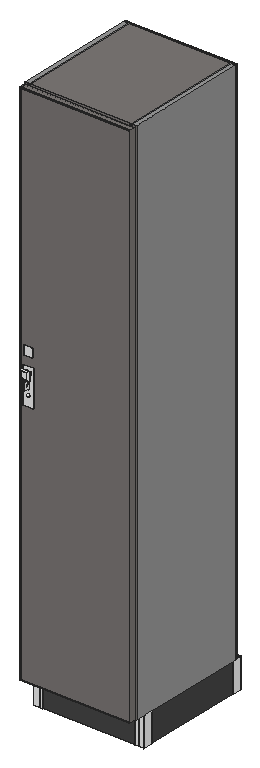
Revit family "Wood_Lockers_Hasps-Salsbury_Industries-15_41000_Series-1_Wide_Units.rfa", category Specialty Equipment, Revit 2016
Family settings
  Part Type = Normal
  Round Connector Dimension = Use Diameter
  OmniClass Number = 23.40.00.00
  OmniClass Title = Equipment and Furnishings
  Work Plane-Based = No
  Always vertical = Yes
  Cut with Voids When Loaded = No
  Shared = No
  Room Calculation Point = No
Parameters (values of type "15-41168")
  Width = 15.000"
  Version = "1.0 (01/31/24)"
  Unit Height including Sloping Hood Only [instance] = 78.868"
  Unit Height including Base Only [instance] = 76.000"
  URL = "www.lockers.com"
  Type Comments = "Premier Wood Locker - Single Tier - with Hasp"
  Total Door Height [instance] = if(Unit Height = 72.000", 71.750", if(Unit Height = 60.000", 59.750", 0.000"))  # 71.750"
  Sloping Top Corner Filler - Right Side [instance] = Wood Locker Sloping Corner Fillers : None
  Sloping Top Corner Filler - Left Side [instance] = Wood Locker Sloping Corner Fillers : None
  Sloping In-Line Filler - Right Side [instance] = Wood Locker Sloping In-Line Fillers : None
  Sloping In-Line Filler - Left Side [instance] = Wood Locker Sloping In-Line Fillers : None
  Sloping Hood Height = if(Depth = 15.000", 5.743", if(Depth = 18.000", 6.868", if(Depth = 21.000", 7.993", if(Depth = 24.000", 9.118", 0.000"))))  # 6.868"
  Sloping Hood [instance] = Wood Locker Sloping Hoods : None
  Side Panel without Slope - Right Side [instance] = Wood Locker Side Panels-No Slope : None
  Side Panel without Slope - Left Side [instance] = Wood Locker Side Panels-No Slope : None
  Side Panel with Slope - Right Side [instance] = Wood Locker Side Panels-With Slope : None
  Side Panel with Slope - Left Side [instance] = Wood Locker Side Panels-With Slope : None
  Secondary Structure Materials = Particle Board Industrial Grade - Salsbury Finish - Black Melamine Overlay
  Primary Structure Materials = Particle Board Industrial Grade - Salsbury Finish - Plain
  Overall Unit Height including Base and Sloping Hood [instance] = 82.868"
  OmniClass 23 Title = "Equipment and Furnishings"
  OmniClass 23 Number = "23.40.00.00"
  Model = "15-41168"
  MasterFormat Title = "Lockers"
  MasterFormat Code = "10 51 23"
  Manufacturer = "Salsbury Industries"
  Laminate Surface [instance] = Industrial Grade Particleboard with Wood Laminate - Salsbury Finish - Skyline Walnut
  Interior Material = Textured Melamine - Salsbury Finish - White
  Individual Door Width [instance] = 14.875"
  Unit Height = 72.000"
  Hardware = Aluminum - Salsbury Finish - Black Satin
  Front Vertical Filler - Right Side [instance] = Wood Locker Front Fillers : None
  Front Vertical Filler - Left Side [instance] = Wood Locker Front Fillers : None
  Front Corner Filler - Right Side [instance] = Wood Locker Front Corner Filler : None
  Front Corner Filler - Left Side [instance] = Wood Locker Front Corner Filler : None
  Flat Top In-Line Filler - Right Side [instance] = Wood Locker Flat In-Line Fillers : None
  Flat Top In-Line Filler - Left Side [instance] = Wood Locker Flat In-Line Fillers : None
  Flat Top Corner Filler - Right Side [instance] = Wood Locker Flat Corner Fillers : None
  Flat Top Corner Filler - Left Side [instance] = Wood Locker Flat Corner Fillers : None
  Fascia Filler [instance] = Wood Locker Fascia Fillers : None
  Double Side Panel without Slope - Right Side [instance] = Wood Locker Double Side Panels-No Slope : None
  Double Side Panel without Slope - Left Side [instance] = Wood Locker Double Side Panels-No Slope : None
  Double Side Panel with Slope - Right Side [instance] = Wood Locker Double Side Panels-With Slope : None
  Double Side Panel with Slope - Left Side [instance] = Wood Locker Double Side Panels-With Slope : None
  Door Location D1 = Premier Locker Doors_Hasp : Single Tier Door for Six Foot High Locker
  Description = "1 Wide - 6 Feet High - 18 inches Deep - with Base"
  Depth = 18.000"
  Compartment Width [instance] = 13.750"
  Compartment Height [instance] = if(Unit Height = 72.000", 70.500", if(Unit Height = 60.000", 58.500", 0.000"))  # 70.500"
  Compartment Depth [instance] = 16.750"
  Base Material = Particle Board Industrial Grade - Salsbury Finish - Black Melamine Overlay
  Base Height = 4.000"
  Base Depth [instance] = 16.250"
  Base = Wood Locker Bases : Base - 15" W x 18" D Lockers
  Assembly Code = "C1030310"
Reference planes (in)
  plane 1 "Center (Front/Back)": y = 0
  plane 2: z = 0
  plane 3 "Center (Left/Right)": x = 0
  plane 4 "Right Side of Unit": x = 7.5
  plane 5 "Left Side of Unit": x = -7.5
  plane 6 "Back of Unit": y = 9
  plane 7 "Front of Unit": y = -9
  plane 8 "Bottom of Base": z = 0
  plane 9 "Top Edge of Unit": z = 76
  plane 10 "Top of Base Edge": z = 4
  plane 11: z = 82.868
  plane 12 "Right Compartment Edge": x = 6.906
  plane 13 "Left Compartment Edge": x = -6.906
  plane 14 "Front Melamine Edge": y = -8
  plane 15 "Back Compartment Edge": y = 8.781
  plane 16 "Front Compartment Edge": y = -7.969
  plane 17 "Front Edge of Base": y = -6.625
  plane 18 "Bottom Edge of Door": z = 4.125
  plane 19 "Top Edge of Door": z = 75.875
  plane 20 "Bottom Compartment Edge": z = 4.75
  plane 21 "Top Compartment Edge": z = 75.25
  plane 22 "Center Top and Bottom": z = 40
  plane 23 "Left Melamine Edge": x = -6.875
  plane 24 "Right Melamine Edge": x = 6.875
  plane 25 "Back Melamine Edge": y = 8.75
  plane 26 "Left Edge of Door": x = -7.375
  plane 27: y = 9.625
  plane 28: y = -7.25
  plane 29 "Base / Ventillation Alignment": y = 9.625
  plane 30 "Compartment Shelf": z = 64.125
  plane 31: z = 63.375
  plane 32 "5" Shelf": z = 58.875
  plane 33: z = 58.125
  plane 34 "Front Edge of 5" Shelf": y = 3.75
  plane 35 "11.75" Shelf": z = 13
  plane 36: z = 13.75
  plane 37 "Front of Shoe Shelf": y = -3
  plane 38: y = 3.781
  plane 39: y = -2.969
  plane 40: z = 81.743
  plane 41: z = 81.743
  plane 42: z = 82.61385
  plane 43: z = 82.19365
  plane 44: z = 75.281
  plane 45: z = 4.719
Forms (in)
  Extrusion 1, solid, material "Particle Board Industrial Grade - Salsbury Finish - Plain" <- "Primary Structure Materials"
    sketch origin (7.5, 0, 0) x (0, -1, 0) y (0, 0, 1)
      loop
        line (7.969, 76) -> (-8.75, 76) -> (-8.75, 4) -> (7.969, 4) -> (7.969, 76)
    from 0 to 0.594
  Extrusion 2, solid, material "Particle Board Industrial Grade - Salsbury Finish - Plain" <- "Primary Structure Materials"
    sketch origin (-7.5, 0, 0) x (0, -1, 0) y (0, 0, 1)
      loop
        line (-8.75, 76) -> (-8.75, 4) -> (7.969, 4) -> (7.969, 76) -> (-8.75, 76)
    from 0 to -0.594
  Extrusion 3, solid, material "Particle Board Industrial Grade - Salsbury Finish - Black Melamine Overlay" <- "Secondary Structure Materials"
    sketch origin (0, 0, 4) x (0, -1, 0) y (1, 0, 0)
      loop
        line (-8.75, -6.875) -> (7.969, -6.875) -> (7.969, 6.875) -> (-8.75, 6.875) -> (-8.75, -6.875)
    from 0 to 0.719
  Extrusion 4, solid, material "Industrial Grade Particleboard with Wood Laminate - Salsbury Finish - Skyline Walnut" <- "Laminate Surface"
    sketch origin (-0.3905, 0.3905, 76) x (-1, 0, 0) y (0, -1, 0)
      loop
        line (-7.2655, -8.3595) -> (6.4845, -8.3595) -> (6.4845, 8.3595) -> (-7.2655, 8.3595) -> (-7.2655, -8.3595)
    from 0 to -0.75
  Extrusion 5, solid, material "Particle Board Industrial Grade - Salsbury Finish - Plain" <- "Primary Structure Materials"
    sketch origin (0, 9, 0) x (1, 0, 0) y (0, 0, 1)
      loop
        line (-7.5, 76) -> (-7.5, 4) -> (7.5, 4) -> (7.5, 76) -> (-7.5, 76)
    from 0 to 0.219
  Extrusion 6, solid, material "Industrial Grade Particleboard with Wood Laminate - Salsbury Finish - Skyline Walnut" <- "Laminate Surface"
    sketch origin (0, -7.969, 0) x (1, 0, 0) y (0, 0, 1)
      loop
        line (-7.5, 76) -> (-7.5, 4) -> (-6.875, 4) -> (-6.875, 76) -> (-7.5, 76)
    from 0 to 0.031
  Extrusion 7, solid, material "Industrial Grade Particleboard with Wood Laminate - Salsbury Finish - Skyline Walnut" <- "Laminate Surface"
    sketch origin (0, -7.969, 0) x (-1, 0, 0) y (0, 0, -1)
      loop
        line (-7.5, -76) -> (-6.875, -76) -> (-6.875, -4) -> (-7.5, -4) -> (-7.5, -76)
    from 0 to 0.031
  Extrusion 8, solid, material "Textured Melamine - Salsbury Finish - White" <- "Interior Material"
    sketch origin (0, 8.75, 0) x (1, 0, 0) y (0, 0, 1)
      loop
        line (-7.5, 76) -> (-7.5, 4) -> (7.5, 4) -> (7.5, 76) -> (-7.5, 76)
    from -0.031 to 0
  Extrusion 9, solid, material "Textured Melamine - Salsbury Finish - White" <- "Interior Material"
    sketch origin (-6.906, 0, 0) x (0, -1, 0) y (0, 0, 1)
      loop
        line (-8.75, 76) -> (-8.75, 4) -> (7.969, 4) -> (7.969, 76) -> (-8.75, 76)
    from 0 to -0.031
  Extrusion 10, solid, material "Textured Melamine - Salsbury Finish - White" <- "Interior Material"
    sketch origin (6.906, 0, 0) x (0, -1, 0) y (0, 0, 1)
      loop
        line (7.969, 76) -> (-8.75, 76) -> (-8.75, 4) -> (7.969, 4) -> (7.969, 76)
    from 0 to 0.031
  Extrusion 11, solid, material "Textured Melamine - Salsbury Finish - White" <- "Interior Material", detail levels fine
    sketch origin (0, 0, 64.125) x (0, -1, 0) y (1, 0, 0)
      loop
        line (-8.75, -6.875) -> (7.969, -6.875) -> (7.969, 6.875) -> (-8.75, 6.875) -> (-8.75, -6.875)
    from 0 to -0.75
  Extrusion 12, solid, material "Textured Melamine - Salsbury Finish - White" <- "Interior Material", detail levels fine
    sketch origin (0, 0, 58.875) x (0, -1, 0) y (1, 0, 0)
      loop
        line (-8.75, -6.875) -> (-3.781, -6.875) -> (-3.781, 6.875) -> (-8.75, 6.875) -> (-8.75, -6.875)
    from 0 to -0.75
  Extrusion 13, solid, material "Textured Melamine - Salsbury Finish - White" <- "Interior Material", detail levels fine
    sketch origin (0, 0, 13) x (0, -1, 0) y (1, 0, 0)
      loop
        line (-8.75, -6.875) -> (2.969, -6.875) -> (2.969, 6.875) -> (-8.75, 6.875) -> (-8.75, -6.875)
    from 0.75 to 0
  Extrusion 14, solid, material "Industrial Grade Particleboard with Wood Laminate - Salsbury Finish - Skyline Walnut" <- "Laminate Surface"
    sketch origin (0, -7.969, 0) x (1, 0, 0) y (0, 0, 1)
      loop
        line (6.875, 75.25) -> (6.875, 76) -> (-6.875, 76) -> (-6.875, 75.25) -> (6.875, 75.25)
    from 0 to 0.031
  Extrusion 15, solid, material "Industrial Grade Particleboard with Wood Laminate - Salsbury Finish - Skyline Walnut" <- "Laminate Surface"
    sketch origin (0, -7.969, -71.25) x (1, 0, 0) y (0, 0, 1)
      loop
        line (6.875, 75.25) -> (6.875, 76) -> (-6.875, 76) -> (-6.875, 75.25) -> (6.875, 75.25)
    from 0 to 0.031
  Extrusion 16, solid, material "Industrial Grade Particleboard with Wood Laminate - Salsbury Finish - Skyline Walnut" <- "Laminate Surface", detail levels fine
    sketch origin (0, -7.969, 0) x (1, 0, 0) y (0, 0, 1)
      loop
        line (-6.875, 64.125) -> (-6.875, 63.375) -> (6.875, 63.375) -> (6.875, 64.125) -> (-6.875, 64.125)
    from 0 to 0.031
  Extrusion 17, solid, material "Industrial Grade Particleboard with Wood Laminate - Salsbury Finish - Skyline Walnut" <- "Laminate Surface", detail levels fine
    sketch origin (0, 3.75, 0) x (1, 0, 0) y (0, 0, 1)
      loop
        line (-6.875, 58.875) -> (-6.875, 58.125) -> (6.875, 58.125) -> (6.875, 58.875) -> (-6.875, 58.875)
    from -0.031 to 0
  Extrusion 18, solid, material "Industrial Grade Particleboard with Wood Laminate - Salsbury Finish - Skyline Walnut" <- "Laminate Surface", detail levels fine
    sketch origin (0, -3, 0) x (1, 0, 0) y (0, 0, 1)
      loop
        line (-6.875, 13.75) -> (-6.875, 13) -> (6.875, 13) -> (6.875, 13.75) -> (-6.875, 13.75)
    from -0.031 to 0
  Extrusion 19, solid, material "Textured Melamine - Salsbury Finish - White" <- "Interior Material"
    sketch origin (0, 0, 4.75) x (0, -1, 0) y (1, 0, 0)
      loop
        line (-8.75, -6.875) -> (7.969, -6.875) -> (7.969, 6.875) -> (-8.75, 6.875) -> (-8.75, -6.875)
    from -0.031 to 0
Lines and regions (in)
  symbolic lines
    curve 1: line (-7.5, 8.75, 76) -> (7.50006, 8.75, 76)
    curve 2: line (-7.5, 8.75, 0) -> (-7.5, 8.75, 76)
    curve 3: line (7.50006, 8.75, 76) -> (7.50006, 8.75, 0)
    curve 4: line (6.906, -8, 76) -> (6.906, 9.625, 76)
    curve 5: line (6.906, -8, 0) -> (6.906, -8, 76)
    curve 6: line (6.906, 9.625, 76) -> (6.906, 9.625, 0)
    curve 7: line (7.50006, 8.75, 0) -> (-7.5, 8.75, 0)
    curve 8: line (6.906, -6.625, 0) -> (6.906, 9.625, 0)
    curve 9: line (6.906, 9.625, 0) -> (6.906, -6.625, 0)
    curve 10: line (6.906, -8, 0) -> (6.906, 9.625, 0)
    curve 11: line (-7.5, 9.625, 0) -> (7.5, 9.625, 0)
    curve 12: line (-7.5, -8, 0) -> (-7.5, 9.625, 0)
    curve 13: line (7.5, -8, 0) -> (-7.5, -8, 0)
    curve 14: line (7.5, 9.625, 0) -> (7.5, -8, 0)
Dimensions and locks (in)
  equal spacing: plane 5 "Left Side of Unit", plane 3 "Center (Left/Right)", plane 4 "Right Side of Unit"
  "Width": plane 5 "Left Side of Unit" to plane 4 "Right Side of Unit"
  equal spacing: plane 7 "Front of Unit", plane 1 "Center (Front/Back)", plane 6 "Back of Unit"
  "Depth": plane 7 "Front of Unit" to plane 6 "Back of Unit"
  "Base Height": plane 10 "Top of Base Edge" to plane 8 "Bottom of Base"
  "Unit Height": plane 9 "Top Edge of Unit" to plane 10 "Top of Base Edge"
  "Sloping Hood Height": plane 11 to plane 9 "Top Edge of Unit"
  locked: plane 12 "Right Compartment Edge" to plane 4 "Right Side of Unit" at 0.594
  locked: plane 5 "Left Side of Unit" to plane 13 "Left Compartment Edge" at 0.594
  locked: plane 7 "Front of Unit" to plane 14 "Front Melamine Edge" at 1
  locked: plane 15 "Back Compartment Edge" to plane 6 "Back of Unit" at 0.219
  locked: plane 14 "Front Melamine Edge" to plane 16 "Front Compartment Edge" at 0.031
  plane 18 "Bottom Edge of Door" to plane 10 "Top of Base Edge" = 0.125"
  plane 9 "Top Edge of Unit" to plane 19 "Top Edge of Door" = 0.125"
  plane 20 "Bottom Compartment Edge" to plane 10 "Top of Base Edge" = 0.750"
  plane 9 "Top Edge of Unit" to plane 21 "Top Compartment Edge" = 0.750"
  equal spacing: plane 9 "Top Edge of Unit", plane 22 "Center Top and Bottom", plane 10 "Top of Base Edge"
  locked: plane 24 "Right Melamine Edge" to plane 12 "Right Compartment Edge" at 0.031
  locked: plane 13 "Left Compartment Edge" to plane 23 "Left Melamine Edge" at 0.031
  locked: plane 25 "Back Melamine Edge" to plane 15 "Back Compartment Edge" at 0.031
  locked: plane 5 "Left Side of Unit" to plane 26 "Left Edge of Door" at 0.125
  "Individual Door Width": plane 26 "Left Edge of Door" to plane 4 "Right Side of Unit"
  "Total Door Height": plane 19 "Top Edge of Door" to plane 18 "Bottom Edge of Door"
  "Unit Height including Base Only": plane 9 "Top Edge of Unit" to plane 8 "Bottom of Base"
  "Unit Height including Sloping Hood Only": plane 11 to plane 10 "Top of Base Edge"
  "Overall Unit Height including Base and Sloping Hood": plane 11 to plane 8 "Bottom of Base"
  locked: plane 7 "Front of Unit" to plane 17 "Front Edge of Base" at 2.375
  locked: plane 6 "Back of Unit" to plane 27 at 0.625
  "Base Depth": plane 17 "Front Edge of Base" to plane 27
  "Compartment Width": plane 23 "Left Melamine Edge" to plane 24 "Right Melamine Edge"
  "Compartment Height": plane 21 "Top Compartment Edge" to plane 20 "Bottom Compartment Edge"
  "Compartment Depth": plane 14 "Front Melamine Edge" to plane 25 "Back Melamine Edge"
  locked: plane 14 "Front Melamine Edge" to plane 28 at 0.75
  plane 14 "Front Melamine Edge" to plane 27 = 17.625"
  Extrusion 2 to Extrusion 9 = 16.719"
  plane 6 "Back of Unit" to plane 29 "Base / Ventillation Alignment" = 0.625"
  plane 21 "Top Compartment Edge" to plane 30 "Compartment Shelf" = 11.125"
  locked: plane 30 "Compartment Shelf" to plane 31 at 0.75
  locked: plane 31 to plane 32 "5" Shelf" at 4.5
  locked: plane 32 "5" Shelf" to plane 33 at 0.75
  locked: plane 34 "Front Edge of 5" Shelf" to plane 25 "Back Melamine Edge" at 5
  locked: plane 36 to plane 35 "11.75" Shelf" at 0.75
  locked: plane 35 "11.75" Shelf" to plane 20 "Bottom Compartment Edge" at 8.25
  locked: plane 37 "Front of Shoe Shelf" to plane 25 "Back Melamine Edge" at 11.75
  locked: plane 34 "Front Edge of 5" Shelf" to plane 38 at 0.031
  locked: plane 37 "Front of Shoe Shelf" to plane 39 at 0.031
  locked: plane 44 to plane 21 "Top Compartment Edge" at 0.031
  locked: plane 20 "Bottom Compartment Edge" to plane 45 at 0.031
  aligned and locked: level to plane 2
  aligned and locked: plane 15 "Back Compartment Edge" to Extrusion 5
  aligned and locked: plane 9 "Top Edge of Unit" to nested 1
  aligned and locked: plane 28 to nested 1
  aligned and locked: nested 2 to plane 28
  aligned and locked: plane 5 "Left Side of Unit" to nested 2
  aligned and locked: plane 4 "Right Side of Unit" to nested 1
  aligned and locked: nested 2 to plane 9 "Top Edge of Unit"
  aligned and locked: plane 14 "Front Melamine Edge" to nested 3
  aligned and locked: plane 4 "Right Side of Unit" to nested 3
  aligned and locked: nested 4 to plane 14 "Front Melamine Edge"
  aligned and locked: plane 5 "Left Side of Unit" to nested 4
  aligned and locked: nested 3 to plane 8 "Bottom of Base"
  aligned and locked: nested 4 to plane 8 "Bottom of Base"
  aligned and locked: plane 17 "Front Edge of Base" to nested 5
  aligned and locked: nested 7 to plane 9 "Top Edge of Unit"
  aligned and locked: plane 4 "Right Side of Unit" to nested 7
  aligned and locked: nested 6 to plane 9 "Top Edge of Unit"
  aligned and locked: plane 5 "Left Side of Unit" to nested 6
  aligned and locked: nested 7 to plane 28
  aligned and locked: nested 6 to plane 28
  aligned and locked: plane 14 "Front Melamine Edge" to nested 8
  aligned and locked: plane 9 "Top Edge of Unit" to nested 8
  aligned and locked: plane 8 "Bottom of Base" to nested 5
  aligned and locked: plane 3 "Center (Left/Right)" to nested 5
  aligned and locked: plane 25 "Back Melamine Edge" to Extrusion 3 sketch curve
  aligned and locked: Extrusion 3 sketch curve to plane 23 "Left Melamine Edge"
  aligned and locked: plane 24 "Right Melamine Edge" to Extrusion 3 sketch curve
  aligned and locked: plane 10 "Top of Base Edge" to Extrusion 3
  aligned and locked: Extrusion 4 to plane 9 "Top Edge of Unit"
  aligned and locked: Extrusion 2 sketch curve to plane 9 "Top Edge of Unit"
  aligned and locked: plane 16 "Front Compartment Edge" to Extrusion 2 sketch curve
  aligned and locked: Extrusion 2 sketch curve to plane 25 "Back Melamine Edge"
  aligned and locked: plane 10 "Top of Base Edge" to Extrusion 2 sketch curve
  aligned and locked: Extrusion 2 to plane 13 "Left Compartment Edge"
  aligned and locked: plane 5 "Left Side of Unit" to Extrusion 2
  aligned and locked: plane 10 "Top of Base Edge" to Extrusion 9 sketch curve
  aligned and locked: Extrusion 9 sketch curve to plane 25 "Back Melamine Edge"
  aligned and locked: Extrusion 9 sketch curve to plane 9 "Top Edge of Unit"
  aligned and locked: Extrusion 1 sketch curve to plane 16 "Front Compartment Edge"
  aligned and locked: plane 9 "Top Edge of Unit" to Extrusion 1 sketch curve
  aligned and locked: Extrusion 1 sketch curve to plane 10 "Top of Base Edge"
  aligned and locked: plane 25 "Back Melamine Edge" to Extrusion 1 sketch curve
  aligned and locked: Extrusion 1 to plane 4 "Right Side of Unit"
  aligned and locked: plane 12 "Right Compartment Edge" to Extrusion 1
  aligned and locked: Extrusion 10 sketch curve to plane 10 "Top of Base Edge"
  aligned and locked: plane 25 "Back Melamine Edge" to Extrusion 10 sketch curve
  aligned and locked: Extrusion 10 sketch curve to plane 16 "Front Compartment Edge"
  aligned and locked: plane 9 "Top Edge of Unit" to Extrusion 10 sketch curve
  aligned and locked: Extrusion 10 to plane 12 "Right Compartment Edge"
  aligned and locked: plane 24 "Right Melamine Edge" to Extrusion 10
  aligned and locked: Extrusion 8 sketch curve to plane 10 "Top of Base Edge"
  aligned and locked: plane 4 "Right Side of Unit" to Extrusion 8 sketch curve
  aligned and locked: plane 9 "Top Edge of Unit" to Extrusion 8 sketch curve
  aligned and locked: Extrusion 8 sketch curve to plane 5 "Left Side of Unit"
  aligned and locked: Extrusion 8 to plane 15 "Back Compartment Edge"
  aligned and locked: plane 25 "Back Melamine Edge" to Extrusion 8
  aligned and locked: plane 9 "Top Edge of Unit" to Extrusion 5 sketch curve
  aligned and locked: Extrusion 5 sketch curve to plane 5 "Left Side of Unit"
  aligned and locked: Extrusion 5 sketch curve to plane 10 "Top of Base Edge"
  aligned and locked: plane 4 "Right Side of Unit" to Extrusion 5 sketch curve
  aligned and locked: Extrusion 7 sketch curve to plane 9 "Top Edge of Unit"
  aligned and locked: Extrusion 7 sketch curve to plane 4 "Right Side of Unit"
  aligned and locked: plane 24 "Right Melamine Edge" to Extrusion 7 sketch curve
  aligned and locked: plane 10 "Top of Base Edge" to Extrusion 7 sketch curve
  aligned and locked: Extrusion 7 to plane 16 "Front Compartment Edge"
  aligned and locked: plane 14 "Front Melamine Edge" to Extrusion 7
  aligned and locked: Extrusion 6 sketch curve to plane 10 "Top of Base Edge"
  aligned and locked: plane 23 "Left Melamine Edge" to Extrusion 6 sketch curve
  aligned and locked: Extrusion 6 sketch curve to plane 5 "Left Side of Unit"
  aligned and locked: plane 9 "Top Edge of Unit" to Extrusion 6 sketch curve
  aligned and locked: Extrusion 6 to plane 16 "Front Compartment Edge"
  aligned and locked: plane 14 "Front Melamine Edge" to Extrusion 6
  aligned and locked: plane 16 "Front Compartment Edge" to Extrusion 9
  aligned and locked: Extrusion 9 to Extrusion 3
  aligned and locked: plane 13 "Left Compartment Edge" to Extrusion 9
  aligned and locked: curve 2 to nested 4
  aligned and locked: nested 3 to curve 5
  aligned and locked: curve 9 to nested 5
  aligned and locked: curve 10 to nested 3
  aligned and locked: curve 13 to plane 14 "Front Melamine Edge"
  aligned and locked: curve 12 to plane 5 "Left Side of Unit"
  aligned and locked: plane 29 "Base / Ventillation Alignment" to curve 11
  aligned and locked: plane 3 "Center (Left/Right)" to nested 8
  aligned and locked: plane 29 "Base / Ventillation Alignment" to curve 6
  aligned and locked: plane 25 "Back Melamine Edge" to Extrusion 11 sketch curve
  aligned and locked: Extrusion 11 sketch curve to plane 23 "Left Melamine Edge"
  aligned and locked: plane 24 "Right Melamine Edge" to Extrusion 11 sketch curve
  aligned and locked: plane 31 to Extrusion 11
  aligned and locked: Extrusion 11 to plane 30 "Compartment Shelf"
  aligned and locked: Extrusion 12 to plane 24 "Right Melamine Edge"
  aligned and locked: plane 23 "Left Melamine Edge" to Extrusion 12
  aligned and locked: Extrusion 12 to plane 32 "5" Shelf"
  aligned and locked: plane 33 to Extrusion 12
  aligned and locked: Extrusion 12 to plane 25 "Back Melamine Edge"
  aligned and locked: Extrusion 13 to plane 36
  aligned and locked: plane 35 "11.75" Shelf" to Extrusion 13
  aligned and locked: Extrusion 13 to plane 24 "Right Melamine Edge"
  aligned and locked: plane 23 "Left Melamine Edge" to Extrusion 13
  aligned and locked: Extrusion 13 to plane 25 "Back Melamine Edge"
  aligned and locked: Extrusion 14 sketch curve to Extrusion 4
  aligned and locked: Extrusion 6 to Extrusion 14 sketch curve
  aligned and locked: plane 20 "Bottom Compartment Edge" to Extrusion 15 sketch curve
  aligned and locked: Extrusion 15 sketch curve to plane 10 "Top of Base Edge"
  aligned and locked: Extrusion 15 sketch curve to plane 23 "Left Melamine Edge"
  aligned and locked: plane 24 "Right Melamine Edge" to Extrusion 15 sketch curve
  aligned and locked: Extrusion 15 to plane 16 "Front Compartment Edge"
  aligned and locked: plane 14 "Front Melamine Edge" to Extrusion 15
  aligned and locked: Extrusion 11 sketch curve to plane 16 "Front Compartment Edge"
  aligned and locked: Extrusion 16 sketch curve to Extrusion 11  (x4)
  aligned and locked: plane 14 "Front Melamine Edge" to Extrusion 16
  aligned and locked: Extrusion 16 to plane 16 "Front Compartment Edge"
  aligned and locked: plane 38 to Extrusion 12
  aligned and locked: Extrusion 17 sketch curve to plane 33
  aligned and locked: plane 32 "5" Shelf" to Extrusion 17 sketch curve
  aligned and locked: Extrusion 17 sketch curve to plane 23 "Left Melamine Edge"
  aligned and locked: plane 24 "Right Melamine Edge" to Extrusion 17 sketch curve
  aligned and locked: Extrusion 17 to Extrusion 12
  aligned and locked: plane 34 "Front Edge of 5" Shelf" to Extrusion 17
  aligned and locked: plane 39 to Extrusion 13
  aligned and locked: Extrusion 18 to Extrusion 13  (x3)
  aligned and locked: plane 23 "Left Melamine Edge" to Extrusion 18
  aligned and locked: Extrusion 18 to plane 24 "Right Melamine Edge"
  aligned and locked: plane 37 "Front of Shoe Shelf" to Extrusion 18
  aligned and locked: plane 5 "Left Side of Unit" to nested 9
  aligned and locked: plane 10 "Top of Base Edge" to nested 9
  aligned and locked: nested 9 to plane 14 "Front Melamine Edge"
  aligned and locked: nested 10 to plane 10 "Top of Base Edge"
  aligned and locked: plane 4 "Right Side of Unit" to nested 10
  aligned and locked: plane 14 "Front Melamine Edge" to nested 10
  aligned and locked: plane 3 "Center (Left/Right)" to nested 11
  aligned and locked: plane 9 "Top Edge of Unit" to nested 11
  aligned and locked: plane 14 "Front Melamine Edge" to nested 11
  aligned and locked: plane 5 "Left Side of Unit" to nested 12
  aligned and locked: plane 10 "Top of Base Edge" to nested 12
  aligned and locked: nested 12 to plane 14 "Front Melamine Edge"
  aligned and locked: plane 4 "Right Side of Unit" to nested 13
  aligned and locked: nested 13 to plane 10 "Top of Base Edge"
  aligned and locked: plane 14 "Front Melamine Edge" to nested 13
  aligned and locked: plane 5 "Left Side of Unit" to nested 14
  aligned and locked: plane 10 "Top of Base Edge" to nested 14
  aligned and locked: nested 14 to plane 14 "Front Melamine Edge"
  aligned and locked: plane 4 "Right Side of Unit" to nested 15
  aligned and locked: nested 15 to plane 10 "Top of Base Edge"
  aligned and locked: plane 14 "Front Melamine Edge" to nested 15
  aligned and locked: plane 10 "Top of Base Edge" to nested 16
  aligned and locked: plane 5 "Left Side of Unit" to nested 16
  aligned and locked: nested 16 to plane 14 "Front Melamine Edge"
  aligned and locked: plane 14 "Front Melamine Edge" to nested 17
  aligned and locked: plane 4 "Right Side of Unit" to nested 17
  aligned and locked: nested 17 to plane 10 "Top of Base Edge"
  aligned and locked: plane 18 "Bottom Edge of Door" to nested 18
  aligned and locked: plane 4 "Right Side of Unit" to nested 18
  aligned and locked: nested 18 to plane 7 "Front of Unit"
  aligned and locked: plane 5 "Left Side of Unit" to nested 19
  aligned and locked: plane 9 "Top Edge of Unit" to nested 19
  aligned and locked: nested 19 to plane 14 "Front Melamine Edge"
  aligned and locked: nested 20 to plane 14 "Front Melamine Edge"
  aligned and locked: plane 4 "Right Side of Unit" to nested 20
  aligned and locked: nested 20 to plane 9 "Top Edge of Unit"
  aligned and locked: nested 21 to plane 14 "Front Melamine Edge"
  aligned and locked: plane 5 "Left Side of Unit" to nested 21
  aligned and locked: nested 21 to plane 9 "Top Edge of Unit"
  aligned and locked: nested 22 to plane 14 "Front Melamine Edge"
  aligned and locked: nested 22 to plane 4 "Right Side of Unit"
  aligned and locked: nested 22 to plane 9 "Top Edge of Unit"
  aligned and locked: plane 21 "Top Compartment Edge" to Extrusion 14
  aligned and locked: Extrusion 3 to plane 45
  aligned and locked: Extrusion 19 sketch curve to Extrusion 3  (x4)
  aligned and locked: Extrusion 19 to Extrusion 3
  aligned and locked: Extrusion 19 to plane 20 "Bottom Compartment Edge"
  aligned and locked: plane 14 "Front Melamine Edge" to nested 23
  aligned and locked: nested 23 to plane 5 "Left Side of Unit"
  aligned and locked: nested 23 to plane 8 "Bottom of Base"
  aligned and locked: plane 8 "Bottom of Base" to nested 24
  aligned and locked: nested 24 to plane 4 "Right Side of Unit"
  aligned and locked: nested 24 to plane 14 "Front Melamine Edge"
  aligned and locked: plane 21 "Top Compartment Edge" to Extrusion 4
  aligned and locked: Extrusion 4 to Extrusion 3  (x2)
  aligned and locked: Extrusion 3 to Extrusion 4
  aligned and locked: plane 16 "Front Compartment Edge" to Extrusion 4
Automatic sketch dimensions
  plane 16 "Front Compartment Edge" to Extrusion 3 sketch curve = 0.000"
  Extrusion 9 sketch curve to plane 16 "Front Compartment Edge" = 0.000"
  curve 3 to level = 0.000"
  curve 3 to plane 4 "Right Side of Unit" = 0.00006"
  curve 8 to plane 17 "Front Edge of Base" = 0.000"
  curve 9 to plane 17 "Front Edge of Base" = 0.000"
  curve 13 to plane 4 "Right Side of Unit" = 0.000"
  Extrusion 12 sketch curve to plane 24 "Right Melamine Edge" = 0.000"
  plane 25 "Back Melamine Edge" to Extrusion 12 sketch curve = 0.000"
  Extrusion 12 sketch curve to plane 23 "Left Melamine Edge" = 0.000"
  plane 38 to Extrusion 12 sketch curve = 0.000"
  Extrusion 13 sketch curve to plane 24 "Right Melamine Edge" = 0.000"
  plane 25 "Back Melamine Edge" to Extrusion 13 sketch curve = 0.000"
  Extrusion 13 sketch curve to plane 23 "Left Melamine Edge" = 0.000"
  plane 39 to Extrusion 13 sketch curve = 0.000"
  plane 23 "Left Melamine Edge" to Extrusion 18 sketch curve = 0.000"
  plane 24 "Right Melamine Edge" to Extrusion 18 sketch curve = 0.000"
  Extrusion 18 sketch curve to plane 35 "11.75" Shelf" = 0.000"
  Extrusion 18 sketch curve to plane 36 = 0.000"
  plane 9 "Top Edge of Unit" to curve 5 = 0.000"
  curve 3 to plane 9 "Top Edge of Unit" = 0.000"
  plane 17 "Front Edge of Base" to Extrusion 4 sketch curve = 1.344"
  plane 4 "Right Side of Unit" to Extrusion 4 sketch curve = 0.625"
  Extrusion 4 sketch curve to plane 5 "Left Side of Unit" = 0.625"
  plane 25 "Back Melamine Edge" to Extrusion 4 sketch curve = 0.000"
  plane 24 "Right Melamine Edge" to Extrusion 14 sketch curve = 0.000"
  Extrusion 14 sketch curve to plane 21 "Top Compartment Edge" = 0.000"
Nested families (in)
  nested 1: "Wood Locker Flat Corner Fillers" at (15, -3.625, 75.25), type <- "Flat Top Corner Filler - Right Side", type "None"
  nested 2: "Wood Locker Flat Corner Fillers" at (-15, -3.625, 75.25) x (-1, 0, 0) z (0, 0, 1), type <- "Flat Top Corner Filler - Left Side", type "None"
  nested 3: "Wood Locker Front Fillers" at (15, -7.625, 0), type <- "Front Vertical Filler - Right Side", type "None"
  nested 4: "Wood Locker Front Fillers" at (-15, -7.625, 0) x (-1, 0, 0) z (0, 0, 1), type <- "Front Vertical Filler - Left Side", type "None"
  nested 5: "Wood Locker Bases" at (0, 1.5, 0), type <- "Base", type "Base - 15" W x 18" D Lockers"
  nested 6: "Wood Locker Flat In-Line Fillers" at (-15, -0.625, 75.25), type <- "Flat Top In-Line Filler - Left Side", type "None"
  nested 7: "Wood Locker Flat In-Line Fillers" at (15, -0.625, 75.25) x (-1, 0, 0) z (0, 0, 1), type <- "Flat Top In-Line Filler - Right Side", type "None"
  nested 8: "Wood Locker Fascia Fillers" at (0, -7.625, 76), type <- "Fascia Filler", type "None"
  nested 9: "Wood Locker Side Panels-With Slope" at (-7.875, -0.6875, 4) x (0, -1, 0) z (0, 0, 1), type <- "Side Panel with Slope - Left Side", type "None"
  nested 10: "Wood Locker Side Panels-With Slope" at (7.875, -0.6875, 4) x (0, -1, 0) z (0, 0, 1), type <- "Side Panel with Slope - Right Side", type "None"
  nested 11: "Wood Locker Sloping Hoods" at (0, -0.6875, 76), type <- "Sloping Hood", type "None"
  nested 12: "Wood Locker Double Side Panels-With Slope" at (-7.875, -1, 4) x (0, -1, 0) z (0, 0, 1), type <- "Double Side Panel with Slope - Left Side", type "None"
  nested 13: "Wood Locker Double Side Panels-With Slope" at (7.875, -1, 4) x (0, -1, 0) z (0, 0, 1), type <- "Double Side Panel with Slope - Right Side", type "None"
  nested 14: "Wood Locker Side Panels-No Slope" at (-7.875, -1, 4) x (0, -1, 0) z (0, 0, 1), type <- "Side Panel without Slope - Left Side", type "None"
  nested 15: "Wood Locker Side Panels-No Slope" at (7.875, -1, 4) x (0, -1, 0) z (0, 0, 1), type <- "Side Panel without Slope - Right Side", type "None"
  nested 16: "Wood Locker Double Side Panels-No Slope" at (-7.875, -1, 4) x (0, -1, 0) z (0, 0, 1), type <- "Double Side Panel without Slope - Left Side", type "None"
  nested 17: "Wood Locker Double Side Panels-No Slope" at (7.875, -1, 4) x (0, -1, 0) z (0, 0, 1), type <- "Double Side Panel without Slope - Right Side", type "None"
  nested 18: "Premier Locker Doors_Hasp" at (0.0625, -8.625, 4.125), type <- "Door Location D1", type "Single Tier Door for Six Foot High Locker"
  nested 19: "Wood Locker Sloping In-Line Fillers" at (-13.5, -1, 76), type <- "Sloping In-Line Filler - Left Side", type "None"
  nested 20: "Wood Locker Sloping In-Line Fillers" at (13.5, -1, 76) x (-1, 0, 0) z (0, 0, 1), type <- "Sloping In-Line Filler - Right Side", type "None"
  nested 21: "Wood Locker Sloping Corner Fillers" at (-16.75, -1, 76), type <- "Sloping Top Corner Filler - Left Side", type "None"
  nested 22: "Wood Locker Sloping Corner Fillers" at (16.75, -1, 76) x (-1, 0, 0) z (0, 0, 1), type <- "Sloping Top Corner Filler - Right Side", type "None"
  nested 23: "Wood Locker Front Corner Filler" at (-8.625, -7.625, 0), type <- "Front Corner Filler - Left Side", type "None"
  nested 24: "Wood Locker Front Corner Filler" at (8.625, -7.625, 0) x (-1, 0, 0) z (0, 0, 1), type <- "Front Corner Filler - Right Side", type "None"
Definition of nested family "Wood Locker Bases"
  Parameters (values of type "Base - 12" W x 15" D Lockers")
    Width = 12.000"
    Visible Base = yes
    Visible = no
    Model = "Base - 12\" W x 15\" D Lockers"
    Manufacturer = "Salsbury Industries"
    Height = 4.000"
    Depth = 13.250"
    Base Secondary Material = none
    Base Primary Materials = none
    Base Hardware = none
  Types (14): name | Width | Visible Base | Visible | Model | Depth
    (no name) | 12.000" | yes | no | "Base - 12\" W x 15\" D Lockers" | 13.250"
    Base - 12" W x 15" D Lockers | 12.000" | yes | no | "Base - 12\" W x 15\" D Lockers" | 13.250"
    Base - 12" W x 18" D Lockers | 12.000" | yes | no | "Base - 12\" W x 18\" D Lockers" | 16.250"
    Base - 12" W x 21" D Lockers | 12.000" | yes | no | "Base - 12\" W x 21\" D Lockers" | 19.250"
    Base - 36" W x 15" D Lockers | 36.000" | yes | yes | "Base - 36\" W x 15\" D Lockers" | 13.250"
    Base - 36" W x 18" D Lockers | 36.000" | yes | yes | "Base - 36\" W x 18\" D Lockers" | 16.250"
    Base - 36" W x 21" D Lockers | 36.000" | yes | yes | "Base - 36\" W x 21\" D Lockers" | 19.250"
    Base - 15" W x 18" D Lockers | 15.000" | yes | no | "Base - 15\" W x 18\" D Lockers" | 16.250"
    Base - 15" W x 21" D Lockers | 15.000" | yes | no | "Base - 15\" W x 21\" D Lockers" | 19.250"
    Base - 15" W x 24" D Lockers | 15.000" | yes | no | "Base - 15\" W x 24\" D Lockers" | 22.250"
    Base - 45" W x 18" D Lockers | 45.000" | yes | yes | "Base - 45\" W x 18\" D Lockers" | 16.250"
    Base - 45" W x 21" D Lockers | 45.000" | yes | yes | "Base - 45\" W x 21\" D Lockers" | 19.250"
    Base - 45" W x 24" D Lockers | 45.000" | yes | yes | "Base - 45\" W x 24\" D Lockers" | 22.250"
    None | 12.000" | no | no | "Base - 12\" W x 15\" D Lockers" | 13.250"
  Reference planes (in)
    plane 1 "Center (Front/Back)": y = 0
    plane 2: z = 0
    plane 3 "Center (Left/Right)": x = 0
    plane 4 "Left Edge": x = -6
    plane 5 "Right Edge": x = 6
    plane 6 "Back Edge": y = 6.625
    plane 7 "Front Edge": y = -6.625
    plane 8 "Bottom Edge": z = 0
    plane 9 "Top Edge": z = 4
    plane 10: x = -4.75
    plane 11: x = -4.102
    plane 12: y = 6.562
    plane 13: y = 5.8
    plane 14: x = -5.131
    plane 15: x = -5.256
    plane 16: x = -5.937
    plane 17: x = -5.175
    plane 18: y = 4.727
    plane 19: y = 5.375
    plane 20: y = 5.756
    plane 21: y = 5.881
    plane 22: x = -5.931
    plane 23: x = 5.931
    plane 24: y = 6.556
    plane 25: y = -6.556
    plane 26: y = 6.525
    plane 27: y = -6.525
    plane 28: x = -5.9
    plane 29: x = 5.9
    plane 30: x = -2.375
    plane 31: x = 2.375
  Forms (in)
    Extrusion 1, solid, material <- "Base Hardware", visible <- "Visible Base"
      sketch origin (0, 0, 0) x (1, 0, 0) y (0, 1, 0)
        loop
          arc (-5.96712, 6.625) -> (-5.99098, 6.61598) -> (-6, 6.59212) r 0.031
          line (-6, 6.59212) -> (-6, 5.4065)
          arc (-6, 5.4065) -> (-5.9685, 5.375) -> (-5.937, 5.4065) r 0.0315
          line (-5.937, 5.4065) -> (-5.937, 5.756) -> (-5.837, 5.756) -> (-5.837, 5.819) -> (-5.937, 5.819) -> (-5.937, 6.51465) -> (-5.256, 5.83365) -> (-5.256, 5.756) -> (-5.175, 5.756) -> (-5.175, 4.75833)
          arc (-5.175, 4.75833) -> (-5.14367, 4.727) -> (-5.11235, 4.75833) r 0.03133
          line (-5.11235, 4.75833) -> (-5.11235, 5.73703) -> (-4.13348, 5.73703)
          arc (-4.13348, 5.73703) -> (-4.102, 5.76852) -> (-4.13348, 5.8) r 0.03148
          line (-4.13348, 5.8) -> (-5.131, 5.8) -> (-5.131, 5.881) -> (-5.21422, 5.881) -> (-5.89522, 6.562) -> (-5.194, 6.562) -> (-5.194, 6.462) -> (-5.131, 6.462) -> (-5.131, 6.562) -> (-4.7814, 6.562)
          arc (-4.7814, 6.562) -> (-4.7499, 6.5935) -> (-4.7814, 6.625) r 0.0315
          line (-4.7814, 6.625) -> (-5.96712, 6.625)
      from 0 to 4
    Extrusion 2, solid, material <- "Base Hardware", visible <- "Visible Base"
      sketch origin (0, 0, 0) x (-1, 0, 0) y (0, -1, 0)
        loop
          line (-5.96712, -6.625) -> (-4.7814, -6.625)
          arc (-4.7814, -6.625) -> (-4.7499, -6.5935) -> (-4.7814, -6.562) r 0.0315
          line (-4.7814, -6.562) -> (-5.131, -6.562) -> (-5.131, -6.462) -> (-5.194, -6.462) -> (-5.194, -6.562) -> (-5.89522, -6.562) -> (-5.21422, -5.881) -> (-5.131, -5.881) -> (-5.131, -5.8) -> (-4.13348, -5.8)
          arc (-4.13348, -5.8) -> (-4.102, -5.76852) -> (-4.13348, -5.73703) r 0.03148
          line (-4.13348, -5.73703) -> (-5.11235, -5.73703) -> (-5.11235, -4.75833)
          arc (-5.11235, -4.75833) -> (-5.14367, -4.727) -> (-5.175, -4.75833) r 0.03133
          line (-5.175, -4.75833) -> (-5.175, -5.756) -> (-5.256, -5.756) -> (-5.256, -5.83365) -> (-5.937, -6.51465) -> (-5.937, -5.819) -> (-5.837, -5.819) -> (-5.837, -5.756) -> (-5.937, -5.756) -> (-5.937, -5.4065)
          arc (-5.937, -5.4065) -> (-5.9685, -5.375) -> (-6, -5.4065) r 0.0315
          line (-6, -5.4065) -> (-6, -6.59212)
          arc (-6, -6.59212) -> (-5.99098, -6.61598) -> (-5.96712, -6.625) r 0.031
      from 0 to 4
    Extrusion 3, solid, material <- "Base Hardware", visible <- "Visible Base"
      sketch origin (0, 0, 0) x (1, 0, 0) y (0, 1, 0)
        loop
          line (-5.96712, -6.625) -> (-4.7814, -6.625)
          arc (-4.7814, -6.625) -> (-4.7499, -6.5935) -> (-4.7814, -6.562) r 0.0315
          line (-4.7814, -6.562) -> (-5.131, -6.562) -> (-5.131, -6.462) -> (-5.194, -6.462) -> (-5.194, -6.562) -> (-5.89522, -6.562) -> (-5.21422, -5.881) -> (-5.131, -5.881) -> (-5.131, -5.8) -> (-4.13348, -5.8)
          arc (-4.13348, -5.8) -> (-4.102, -5.76852) -> (-4.13348, -5.73703) r 0.03148
          line (-4.13348, -5.73703) -> (-5.11235, -5.73703) -> (-5.11235, -4.75833)
          arc (-5.11235, -4.75833) -> (-5.14367, -4.727) -> (-5.175, -4.75833) r 0.03133
          line (-5.175, -4.75833) -> (-5.175, -5.756) -> (-5.256, -5.756) -> (-5.256, -5.83365) -> (-5.937, -6.51465) -> (-5.937, -5.819) -> (-5.837, -5.819) -> (-5.837, -5.756) -> (-5.937, -5.756) -> (-5.937, -5.4065)
          arc (-5.937, -5.4065) -> (-5.9685, -5.375) -> (-6, -5.4065) r 0.0315
          line (-6, -5.4065) -> (-6, -6.59212)
          arc (-6, -6.59212) -> (-5.99098, -6.61598) -> (-5.96712, -6.625) r 0.031
      from 0 to 4
    Extrusion 4, solid, material <- "Base Hardware", visible <- "Visible Base"
      sketch origin (0, 0, 0) x (-1, 0, 0) y (0, -1, 0)
        loop
          arc (-5.96712, 6.625) -> (-5.99098, 6.61598) -> (-6, 6.59212) r 0.031
          line (-6, 6.59212) -> (-6, 5.4065)
          arc (-6, 5.4065) -> (-5.9685, 5.375) -> (-5.937, 5.4065) r 0.0315
          line (-5.937, 5.4065) -> (-5.937, 5.756) -> (-5.837, 5.756) -> (-5.837, 5.819) -> (-5.937, 5.819) -> (-5.937, 6.51465) -> (-5.256, 5.83365) -> (-5.256, 5.756) -> (-5.175, 5.756) -> (-5.175, 4.75833)
          arc (-5.175, 4.75833) -> (-5.14367, 4.727) -> (-5.11235, 4.75833) r 0.03133
          line (-5.11235, 4.75833) -> (-5.11235, 5.73703) -> (-4.13348, 5.73703)
          arc (-4.13348, 5.73703) -> (-4.102, 5.76852) -> (-4.13348, 5.8) r 0.03148
          line (-4.13348, 5.8) -> (-5.131, 5.8) -> (-5.131, 5.881) -> (-5.21422, 5.881) -> (-5.89522, 6.562) -> (-5.194, 6.562) -> (-5.194, 6.462) -> (-5.131, 6.462) -> (-5.131, 6.562) -> (-4.7814, 6.562)
          arc (-4.7814, 6.562) -> (-4.7499, 6.5935) -> (-4.7814, 6.625) r 0.0315
          line (-4.7814, 6.625) -> (-5.96712, 6.625)
      from 0 to 4
    Extrusion 5, solid, material <- "Base Secondary Material", visible <- "Visible Base"
      sketch origin (0, 0, 0) x (0, -1, 0) y (1, 0, 0)
        loop
          line (-5.756, 5.9) -> (-5.756, 5.181) -> (5.75697, 5.181) -> (5.75697, 5.9) -> (-5.756, 5.9)
      from 0 to 4
    Extrusion 6, solid, material <- "Base Secondary Material", visible <- "Visible Base"
      sketch origin (0, 0, 0) x (0, -1, 0) y (1, 0, 0)
        loop
          line (-5.756, -5.9) -> (5.75697, -5.9) -> (5.75697, -5.181) -> (-5.756, -5.181) -> (-5.756, -5.9)
      from 0 to 4
    Extrusion 7, solid, material <- "Base Secondary Material", visible <- "Visible Base"
      sketch origin (-2.05521, 0.625, 0) x (1, 0, 0) y (0, 1, 0)
        loop
          line (-3.07579, 5.9) -> (-3.07579, 5.181) -> (7.18621, 5.181) -> (7.18621, 5.9) -> (-3.07579, 5.9)
      from 0 to 4
    Extrusion 8, solid, material <- "Base Secondary Material", visible <- "Visible Base"
      sketch origin (-2.05521, -0.625, 0) x (1, 0, 0) y (0, 1, 0)
        loop
          line (-3.07579, -5.9) -> (7.18621, -5.9) -> (7.18621, -5.181) -> (-3.07579, -5.181) -> (-3.07579, -5.9)
      from 0 to 4
    Extrusion 9, solid, material <- "Base Primary Materials", visible <- "Visible Base"
      sketch origin (0.76452, 0, 0) x (0, -1, 0) y (1, 0, 0)
        loop
          line (-5.756, 5.16648) -> (-5.756, 5.13548) -> (5.75697, 5.13548) -> (5.75697, 5.16648) -> (-5.756, 5.16648)
      from 0 to 4
    Extrusion 10, solid, material <- "Base Primary Materials", visible <- "Visible Base"
      sketch origin (-0.719, 0, 0) x (0, -1, 0) y (1, 0, 0)
        loop
          line (-5.756, -5.212) -> (5.75697, -5.212) -> (5.75697, -5.181) -> (-5.756, -5.181) -> (-5.756, -5.212)
      from 0 to 4
    Extrusion 11, solid, material <- "Base Primary Materials", visible <- "Visible Base"
      sketch origin (-2.05521, 1.344, 0) x (1, 0, 0) y (0, 1, 0)
        loop
          line (-3.07579, 5.218) -> (-3.07579, 5.181) -> (7.18621, 5.181) -> (7.18621, 5.218) -> (-3.07579, 5.218)
      from 0 to 4
    Extrusion 12, solid, material <- "Base Primary Materials", visible <- "Visible Base"
      sketch origin (-2.05521, -1.344, 0) x (1, 0, 0) y (0, 1, 0)
        loop
          line (-3.07579, -5.212) -> (7.18621, -5.212) -> (7.18621, -5.181) -> (-3.07579, -5.181) -> (-3.07579, -5.212)
      from 0 to 4
    Extrusion 13, solid, material <- "Base Secondary Material", visible <- "Visible"
      sketch origin (0, 0, 4) x (0, -1, 0) y (1, 0, 0)
        loop
          line (-5.806, -2.375) -> (5.806, -2.375) -> (5.806, 2.375) -> (-5.806, 2.375) -> (-5.806, -2.375)
      from 0 to -0.75
    Extrusion 14, solid, material <- "Base Secondary Material", visible <- "Visible"
      sketch origin (0, 0, 0) x (0, -1, 0) y (1, 0, 0)
        loop
          line (-5.806, -2.375) -> (-5.056, -2.375) -> (-5.056, 2.375) -> (-5.806, 2.375) -> (-5.806, -2.375)
      from 0 to 3.25
    Extrusion 15, solid, material <- "Base Secondary Material", visible <- "Visible"
      sketch origin (0, 0, 0) x (0, 1, 0) y (-1, 0, 0)
        loop
          line (-5.806, 2.375) -> (-5.806, -2.375) -> (-5.056, -2.375) -> (-5.056, 2.375) -> (-5.806, 2.375)
      from 0 to 3.25
  Dimensions and locks (in)
    equal spacing: plane 4 "Left Edge", plane 3 "Center (Left/Right)", plane 5 "Right Edge"
    "Width": plane 4 "Left Edge" to plane 5 "Right Edge"
    equal spacing: plane 7 "Front Edge", plane 1 "Center (Front/Back)", plane 6 "Back Edge"
    "Depth": plane 7 "Front Edge" to plane 6 "Back Edge"
    "Height": plane 9 "Top Edge" to plane 8 "Bottom Edge"
    locked: plane 4 "Left Edge" to plane 10 at 1.25
    locked: plane 4 "Left Edge" to plane 11 at 1.898
    locked: plane 12 to plane 6 "Back Edge" at 0.063
    plane 14 to plane 10 = 0.381"
    locked: plane 12 to plane 13 at 0.762
    locked: plane 4 "Left Edge" to plane 16 at 0.063
    locked: plane 16 to plane 17 at 0.762
    locked: plane 19 to plane 6 "Back Edge" at 1.25
    locked: plane 18 to plane 6 "Back Edge" at 1.898
    plane 15 to plane 17 = 0.081"
    plane 21 to plane 13 = 0.081"
    plane 19 to plane 20 = 0.381"
    plane 24 to plane 6 "Back Edge" = 0.069"
    plane 7 "Front Edge" to plane 25 = 0.069"
    plane 23 to plane 5 "Right Edge" = 0.069"
    plane 4 "Left Edge" to plane 22 = 0.069"
    plane 26 to plane 24 = 0.031"
    plane 25 to plane 27 = 0.031"
    plane 22 to plane 28 = 0.031"
    plane 29 to plane 23 = 0.031"
    plane 30 to plane 3 "Center (Left/Right)" to plane 31 = 2.375" locked, 2.375" locked
    aligned and locked: level to plane 2
    aligned and locked: plane 30 to Extrusion 13
    aligned and locked: plane 30 to Extrusion 14
    aligned and locked: plane 30 to Extrusion 15
    aligned and locked: Extrusion 13 to plane 31
    aligned and locked: Extrusion 14 to plane 31
    aligned and locked: Extrusion 15 to plane 31
  Automatic sketch dimensions
    Extrusion 1 sketch curve to plane 4 "Left Edge" = 0.000"
    plane 6 "Back Edge" to Extrusion 1 sketch curve = 0.000"
    Extrusion 1 sketch curve to plane 16 = 0.000"  (x2)
    Extrusion 1 sketch curve to plane 12 = 0.000"  (x2)
    plane 20 to Extrusion 1 sketch curve = 0.000"  (x2)
    Extrusion 1 sketch curve to plane 15 = 0.000"
    plane 21 to Extrusion 1 sketch curve = 0.000"
    Extrusion 1 sketch curve to plane 17 = 0.000"
    Extrusion 1 sketch curve to plane 14 = 0.000"  (x2)
    Extrusion 1 sketch curve to plane 13 = 0.000"
    Extrusion 1 sketch curve to plane 4 "Left Edge" = 0.03094"
    plane 16 to Extrusion 1 sketch curve = 0.03012"
    Extrusion 1 sketch curve to plane 28 = 0.00478"
    Extrusion 1 sketch curve to plane 28 = 0.063"
    plane 17 to Extrusion 1 sketch curve = 0.03922"
    plane 17 to Extrusion 1 sketch curve = 0.019"
    plane 14 to Extrusion 1 sketch curve = 0.01267"
    plane 10 to Extrusion 1 sketch curve = 0.0314"
    plane 11 to Extrusion 1 sketch curve = 0.03148"
    plane 20 to Extrusion 1 sketch curve = 0.01897"
    Extrusion 1 sketch curve to plane 19 = 0.0315"
    Extrusion 1 sketch curve to plane 18 = 0.03133"
    plane 13 to Extrusion 1 sketch curve = 0.019"
    plane 13 to Extrusion 1 sketch curve = 0.03365"
    plane 26 to Extrusion 1 sketch curve = 0.063"
    plane 26 to Extrusion 1 sketch curve = 0.01035"
    plane 12 to Extrusion 1 sketch curve = 0.03012"
    Extrusion 2 sketch curve to plane 5 "Right Edge" = 0.000"
    plane 6 "Back Edge" to Extrusion 2 sketch curve = 0.000"
    plane 20 to Extrusion 2 sketch curve = 0.000"  (x2)
    plane 12 to Extrusion 2 sketch curve = 0.000"  (x2)
    plane 21 to Extrusion 2 sketch curve = 0.000"
    plane 13 to Extrusion 2 sketch curve = 0.000"
    Extrusion 2 sketch curve to plane 5 "Right Edge" = 0.03094"
    Extrusion 2 sketch curve to Extrusion 2 sketch curve = 0.0315"
    Extrusion 2 sketch curve to Extrusion 2 sketch curve = 0.00194"
    plane 23 to Extrusion 2 sketch curve = 0.006"
    Extrusion 2 sketch curve to plane 29 = 0.00478"
    Extrusion 2 sketch curve to plane 29 = 0.063"
    Extrusion 2 sketch curve to plane 13 = 0.03365"
    Extrusion 2 sketch curve to Extrusion 2 sketch curve = 0.581"
    Extrusion 2 sketch curve to Extrusion 2 sketch curve = 0.04178"
    Extrusion 2 sketch curve to plane 26 = 0.063"
    Extrusion 2 sketch curve to Extrusion 2 sketch curve = 0.02022"
    plane 18 to Extrusion 2 sketch curve = 0.03133"
    Extrusion 2 sketch curve to plane 29 = 0.725"
    Extrusion 2 sketch curve to Extrusion 2 sketch curve = 0.03133"
    Extrusion 2 sketch curve to Extrusion 2 sketch curve = 0.063"
    Extrusion 2 sketch curve to Extrusion 2 sketch curve = 0.08322"
    Extrusion 2 sketch curve to Extrusion 2 sketch curve = 0.3496"
    Extrusion 2 sketch curve to Extrusion 2 sketch curve = 0.97886"
    plane 19 to Extrusion 2 sketch curve = 0.0315"
    Extrusion 2 sketch curve to plane 20 = 0.01897"
    Extrusion 2 sketch curve to plane 13 = 0.019"
    Extrusion 2 sketch curve to plane 26 = 0.01035"
    Extrusion 2 sketch curve to plane 12 = 0.03012"
    Extrusion 3 sketch curve to plane 4 "Left Edge" = 0.000"
    plane 7 "Front Edge" to Extrusion 3 sketch curve = 0.000"
    Extrusion 3 sketch curve to plane 16 = 0.000"  (x2)
    Extrusion 3 sketch curve to plane 15 = 0.000"
    Extrusion 3 sketch curve to plane 17 = 0.000"
    Extrusion 3 sketch curve to plane 14 = 0.000"  (x2)
    plane 4 "Left Edge" to Extrusion 3 sketch curve = 0.03094"
    Extrusion 3 sketch curve to plane 16 = 0.03012"
    plane 28 to Extrusion 3 sketch curve = 0.00478"
    plane 28 to Extrusion 3 sketch curve = 0.063"
    Extrusion 3 sketch curve to plane 17 = 0.03922"
    Extrusion 3 sketch curve to plane 17 = 0.019"
    Extrusion 3 sketch curve to plane 14 = 0.01267"
    Extrusion 3 sketch curve to plane 25 = 0.006"  (x2)
    Extrusion 3 sketch curve to plane 10 = 0.0314"
    Extrusion 3 sketch curve to plane 11 = 0.03148"
    plane 27 to Extrusion 3 sketch curve = 0.01035"
    plane 27 to Extrusion 3 sketch curve = 0.063"
    Extrusion 3 sketch curve to Extrusion 3 sketch curve = 0.581"
    Extrusion 3 sketch curve to Extrusion 3 sketch curve = 0.04735"
    Extrusion 3 sketch curve to Extrusion 3 sketch curve = 0.01465"
    Extrusion 3 sketch curve to Extrusion 3 sketch curve = 0.081"
    Extrusion 3 sketch curve to Extrusion 3 sketch curve = 0.03148"
    Extrusion 3 sketch curve to Extrusion 3 sketch curve = 0.044"
    Extrusion 3 sketch curve to Extrusion 3 sketch curve = 0.063"
    Extrusion 3 sketch curve to Extrusion 3 sketch curve = 0.3495"
    Extrusion 3 sketch curve to Extrusion 3 sketch curve = 0.97871"
    plane 7 "Front Edge" to Extrusion 3 sketch curve = 0.03288"
    Extrusion 4 sketch curve to plane 5 "Right Edge" = 0.000"
    plane 7 "Front Edge" to Extrusion 4 sketch curve = 0.000"
    plane 5 "Right Edge" to Extrusion 4 sketch curve = 0.03094"
    Extrusion 4 sketch curve to Extrusion 4 sketch curve = 0.0315"
    Extrusion 4 sketch curve to Extrusion 4 sketch curve = 0.00194"
    Extrusion 4 sketch curve to plane 23 = 0.006"
    plane 29 to Extrusion 4 sketch curve = 0.00478"
    plane 29 to Extrusion 4 sketch curve = 0.063"
    Extrusion 4 sketch curve to Extrusion 4 sketch curve = 0.581"
    Extrusion 4 sketch curve to Extrusion 4 sketch curve = 0.04178"
    Extrusion 4 sketch curve to plane 27 = 0.063"
    Extrusion 4 sketch curve to Extrusion 4 sketch curve = 0.02022"
    plane 29 to Extrusion 4 sketch curve = 0.725"
    Extrusion 4 sketch curve to Extrusion 4 sketch curve = 0.03133"
    Extrusion 4 sketch curve to Extrusion 4 sketch curve = 0.063"  (x2)
    Extrusion 4 sketch curve to Extrusion 4 sketch curve = 0.08322"
    plane 25 to Extrusion 4 sketch curve = 0.006"  (x2)
    Extrusion 4 sketch curve to Extrusion 4 sketch curve = 0.3496"
    Extrusion 4 sketch curve to plane 27 = 0.725"
    Extrusion 4 sketch curve to Extrusion 4 sketch curve = 0.97886"
    Extrusion 4 sketch curve to Extrusion 4 sketch curve = 0.03148"
    Extrusion 4 sketch curve to Extrusion 4 sketch curve = 0.044"
    Extrusion 4 sketch curve to Extrusion 4 sketch curve = 0.000"
    Extrusion 4 sketch curve to Extrusion 4 sketch curve = 0.3495"
    Extrusion 4 sketch curve to Extrusion 4 sketch curve = 0.97871"
    Extrusion 4 sketch curve to Extrusion 4 sketch curve = 0.07765"
    Extrusion 4 sketch curve to Extrusion 4 sketch curve = 0.081"
    Extrusion 4 sketch curve to plane 27 = 0.01035"
    Extrusion 4 sketch curve to plane 7 "Front Edge" = 0.03288"
    plane 20 to Extrusion 5 sketch curve = 0.000"
    Extrusion 5 sketch curve to plane 29 = 0.000"
    Extrusion 5 sketch curve to plane 27 = 0.76803"
    plane 29 to Extrusion 5 sketch curve = 0.719"
    plane 20 to Extrusion 6 sketch curve = 0.000"
    Extrusion 6 sketch curve to plane 28 = 0.000"
    plane 27 to Extrusion 6 sketch curve = 0.76803"
    Extrusion 6 sketch curve to plane 17 = 0.006"
    Extrusion 7 sketch curve to plane 14 = 0.000"
    plane 26 to Extrusion 7 sketch curve = 0.000"
    plane 29 to Extrusion 7 sketch curve = 0.769"
    plane 13 to Extrusion 7 sketch curve = 0.006"
    Extrusion 8 sketch curve to plane 14 = 0.000"
    plane 27 to Extrusion 8 sketch curve = 0.000"
    Extrusion 8 sketch curve to plane 29 = 0.769"
    plane 27 to Extrusion 8 sketch curve = 0.719"
    plane 20 to Extrusion 9 sketch curve = 0.000"
    Extrusion 9 sketch curve to plane 23 = 0.000"
    Extrusion 9 sketch curve to plane 29 = 0.000"
    Extrusion 9 sketch curve to plane 27 = 0.76803"
    plane 20 to Extrusion 10 sketch curve = 0.000"
    Extrusion 10 sketch curve to plane 22 = 0.000"
    Extrusion 10 sketch curve to plane 28 = 0.000"
    plane 27 to Extrusion 10 sketch curve = 0.76803"
    Extrusion 11 sketch curve to plane 14 = 0.000"
    plane 12 to Extrusion 11 sketch curve = 0.000"
    plane 26 to Extrusion 11 sketch curve = 0.000"
    plane 29 to Extrusion 11 sketch curve = 0.769"
    Extrusion 12 sketch curve to plane 14 = 0.000"
    plane 25 to Extrusion 12 sketch curve = 0.000"
    plane 27 to Extrusion 12 sketch curve = 0.000"
    Extrusion 12 sketch curve to plane 29 = 0.769"
    plane 13 to Extrusion 13 sketch curve = 0.006"
    Extrusion 13 sketch curve to plane 27 = 0.719"
    Extrusion 13 sketch curve to plane 11 = 1.727"
    plane 3 "Center (Left/Right)" to Extrusion 13 sketch curve = 2.375"
    plane 13 to Extrusion 14 sketch curve = 0.006"
    plane 19 to Extrusion 14 sketch curve = 0.319"
    Extrusion 14 sketch curve to plane 11 = 1.727"
    plane 3 "Center (Left/Right)" to Extrusion 14 sketch curve = 2.375"
    plane 27 to Extrusion 15 sketch curve = 0.719"
    Extrusion 15 sketch curve to Extrusion 15 sketch curve = 0.750"
    plane 11 to Extrusion 15 sketch curve = 1.727"
    Extrusion 15 sketch curve to plane 3 "Center (Left/Right)" = 2.375"
Definition of nested family "Premier Locker Doors_Hasp"
  Parameters (values of type "Single Tier Door for Six Foot High Locker")
    Width = 14.875"
    Visible Number Plates = yes
    Visible Center Hinge = yes
    Primary Structure Materials = none
    Number Tag-Vertical Offset = 31.625"
    Number Tag-Horizontal Offset = 13.750"
    Number Tag Width = 1.250"
    Number Tag Height = 1.250"
    Model = "Premier Locker Doors"
    Manufacturer = "Salsbury Industries"
    Lock Width = 1.500"
    Lock Height = 4.875"
    Laminate Surface = none
    Height = 71.750"
    Lock Vertical Offset = 35.875"
    Lock Horizontal Offset = 0.375"
    Door Trim = none
    Door Hasps = none
    Depth = 0.750"
    Default Elevation = 48.000"
  Types (7): name | Visible Center Hinge | Number Tag-Vertical Offset | Height | Lock Vertical Offset
    Single Tier Door for Six Foot High Locker | yes | 31.625" | 71.750" | 35.875"
    Double Tier Door-1 for Six Foot High Locker | no | 27.641" | 35.781" | 31.891"
    Double Tier Door-2 for Six Foot High Locker | yes | 2.078" | 35.781" | 6.328"
    Triple Tier Door-1 for Six Foot High Locker | no | 15.651" | 23.791" | 19.901"
    Triple Tier Door-2 for Six Foot High Locker | no | 7.646" | 23.791" | 11.896"
    Triple Tier Door-3 for Six Foot High Locker | no | 2.078" | 23.791" | 6.328"
    Four Tier Door for Six Foot High Locker | no | 4.647" | 17.796" | 8.897"
  Reference planes (in)
    plane 1 "Center (Front/Back)": y = 0
    plane 2: z = 0
    plane 3 "Center (Left/Right)": x = 0
    plane 4 "Left Side of Door": x = -7.4375
    plane 5 "Right Side of Door": x = 7.4375
    plane 6 "Back of Door": y = 0.375
    plane 7 "Front of Door": y = -0.375
    plane 8 "Bottom of Door": z = 0
    plane 9 "Top of Door": z = 71.75
    plane 10 "Center of Door": z = 35.875
    plane 11 "Top of Number Tag": z = 40.75
    plane 12 "Bottom of Number Tag": z = 39.5
    plane 13 "Left Side of Number Tag": x = -6.9375
    plane 14 "Right Side of Number Tag": x = -5.6875
    plane 15 "Horizontal Center of Number Tag": x = -6.3125
    plane 16 "Center of Number Tag": z = 40.125
    plane 17 "Left Side of Lock": x = -7.0625
    plane 18 "Right Side of Lock": x = -5.5625
    plane 19 "Lock Vertical Center": z = 35.875
    plane 20 "Top of Lock": z = 38.3125
    plane 21 "Bottom of Lock": z = 33.4375
    plane 22 "Front of Hasp Stud": y = -0.5
    plane 23 "Left Side of Door-Right Side of Trim": x = -7.3125
    plane 24 "Right Side of Door-Left Side of Trim": x = 7.3125
    plane 25 "Top of Door-Bottom of Trim": z = 71.625
    plane 26 "Bottom of Door-Top of Trim": z = 0.125
    plane 27 "Laminate-Particleboard Line": y = -0.344
    plane 28 "Melamine-Particleboard Line": y = 0.344
    plane 29 "Back of Number Plate Inset": y = -0.313
    plane 30 "Center of Lock": x = -6.3125
    plane 31: y = -0.188
    plane 32 "Door Stopper Plane": y = 0.625
    plane 33: x = -6.9875
    plane 34: z = 71.3
    plane 35 "Top Hinge": z = 68.75
    plane 36: x = 6.8125
    plane 37 "Bottom Hinge": z = 3
    plane 38 "Inner Knob": y = -1.094
    plane 39 "Front of Knob": y = -1.125
    plane 40: z = 37.1875
    plane 41: z = 34.5625
    plane 42: z = 38.1875
    plane 43: x = -5.6875
    plane 44: x = -6.9375
    plane 45: z = 36.9375
    plane 46 "Top of Hole": z = 36.8125
    plane 47: x = -6.1245
    plane 48: x = -6.5005
    plane 49 "Bottom of Hole": z = 35.5625
    plane 50 "Stud Alignment": z = 34.8125
    plane 51 "Center of Handle": z = 37.5625
    plane 52: z = 37.7505
    plane 53: z = 37.3745
    plane 54: z = 37.96546
    plane 55: z = 37.15954
    plane 56 "Front of Latch": y = -1
    plane 57: z = 36.6844
    plane 58: z = 35.6844
    plane 59: z = 36.1844
    plane 60: x = 6.8435
    plane 61: z = 36.6245
    plane 62: z = 35.74816
